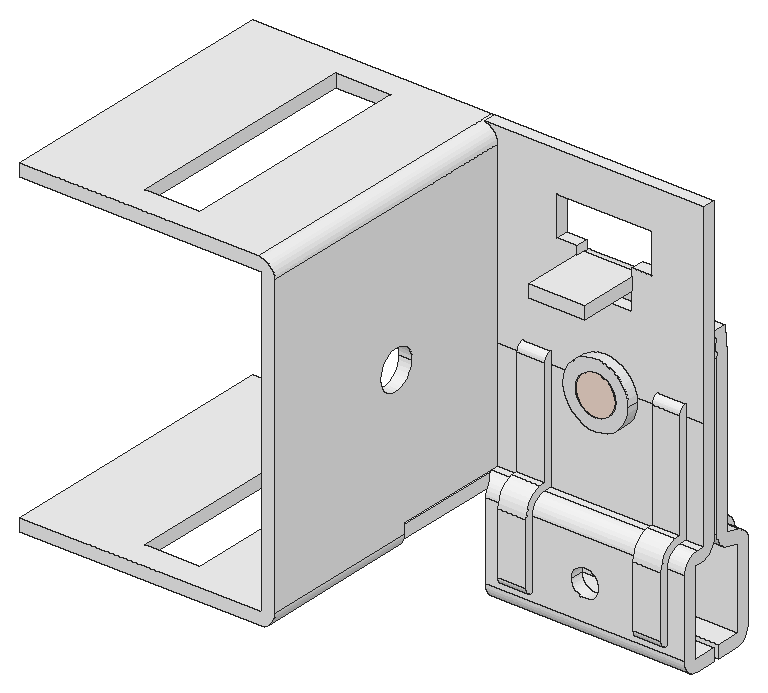
Revit family "cthanger_h0_right", category 機械設備, Revit 2022
Family settings
  丸型コネクタ寸法 = 直径を使用
  種別 = なし
  パーツ タイプ = 標準
  作業面ベース = いいえ
  常に垂直 = はい
  ロード時にボイドで切り取り = いいえ
  注釈の向きを維持 = いいえ
  共有 = いいえ
  部屋計算ポイント = いいえ
Parameters
  製造元 = "株式会社桐井製作所"
  既定の高さ = 0 mm
  URL = "https://www.kirii.co.jp/"
  K_材質 = "溶融亜鉛めっき鋼板及び鋼帯 SGCC 一般用"
  K_品名 = "CTハンガーH＝0右"
  K_名称 = "CTハンガー"
  K_入数 = "200"
  K_備考 = "対象Tバー：eT4025、eAT4025"
  K_バージョン情報 = "20220915"
  K_めっき付着量 = "Z12"
  K_JIS規格 = "JIS G 3302"
Reference planes
  plane 1 "中心(正面/背面)": y = 0
  plane 2: z = 0
  plane 3 "中心(左/右)": x = 0
Forms (mm)
  Extrusion 1, solid, material "05吊り材"
    sketch origin (0, -1.2, 0) x (0, -1, 0) y (0, 0, 1)
      loop
        line (1.8, -3.544) -> (1.8, -14.044) -> (-1.2, -14.044) -> (-1.2, -15.644) -> (1.4, -15.644)
        arc (1.4, -15.644) -> (2.814, -15.058) -> (3.4, -13.644) r 2
        line (3.4, -13.644) -> (3.4, -3.944)
        arc (3.4, -3.944) -> (2.814, -2.53) -> (1.4, -1.944) r 2
        line (1.4, -1.944) -> (0.4, -1.944) -> (0.4, 11.856) -> (0.4, 36.356) -> (-1.2, 36.356) -> (-1.2, -1.544)
        arc (-1.2, -1.544) -> (-0.614, -2.958) -> (0.8, -3.544) r 2
        line (0.8, -3.544) -> (1.8, -3.544)
    from -12.5 to 15.1
  Extrusion 2, solid, material "アルミニウム"
    sketch origin (0, -1.2, 4.922) x (-1, 0, 0) y (0, 0, 1)
      loop
        circle (0, 6.436) r 4.1
      loop
        circle (0, 6.436) r 2.499
    from -1.8 to 0
  Extrusion 3, solid, material "05吊り材"
    sketch origin (16, -1.2, 0) x (0, -1, 0) y (0, 0, 1)
      loop
        arc (1.3, 12.456) -> (1.036, 13.093) -> (0.4, 13.356) r 0.9
        line (0.4, 13.356) -> (0.4, -1.944) -> (1.4, -1.944)
        arc (1.4, -1.944) -> (2.814, -2.53) -> (3.4, -3.944) r 2
        line (3.4, -3.944) -> (3.4, -12.644)
        arc (3.4, -12.644) -> (4.036, -12.38) -> (4.3, -11.744) r 0.9
        line (4.3, -11.744) -> (4.3, -3.944)
        arc (4.3, -3.944) -> (3.685, -2.14) -> (2.095, -1.087) r 2.953
        line (2.095, -1.087) -> (1.3, -1.087) -> (1.3, 12.456)
      loop
        line (-4, -1.245) -> (-5.318, -1.633)
        arc (-5.318, -1.633) -> (-6.822, -2.678) -> (-7.4, -4.415) r 2.9
        line (-7.4, -4.415) -> (-7.4, -11.844)
        arc (-7.4, -11.844) -> (-7.166, -12.409) -> (-6.6, -12.644) r 0.8
        line (-6.6, -12.644) -> (-6.6, -4.415)
        arc (-6.6, -4.415) -> (-6.181, -3.157) -> (-5.093, -2.4) r 2.1
        line (-5.093, -2.4) -> (-3.2, -1.844) -> (-3.2, 14.356)
        arc (-3.2, 14.356) -> (-3.766, 14.122) -> (-4, 13.556) r 0.8
        line (-4, 13.556) -> (-4, -1.245)
    from 5.75 to 9.25
  Extrusion 4, void
    sketch origin (0, -1.2, 0) x (-1, 0, 0) y (0, 0, 1)
      loop
        line (-6, 31.356) -> (-6, 26.343) -> (-3.5, 26.343) -> (-3.5, 21.356) -> (3.5, 21.356) -> (3.5, 26.343) -> (6, 26.343) -> (6, 31.356) -> (-6, 31.356)
    from -0.4 to 1.2
  Extrusion 5, void
    sketch origin (0.011, -1.2, 4.995) x (-1, 0, 0) y (0, 0, 1)
      loop
        circle (0, 6.373) r 2.5
    from -1.3 to 3.2
  Extrusion 6, void
    sketch origin (0, 0.4, 0) x (1, 0, 0) y (0, 0, 1)
      loop
        line (-13.5, -1.944) -> (-15.1, -1.944) -> (-15.1, -15.644) -> (-12.5, -15.644) -> (-12.5, -2.944)
        arc (-12.5, -2.944) -> (-12.793, -2.237) -> (-13.5, -1.944) r 1
    from -1.2 to 6.3
  Extrusion 7, void
    sketch origin (0, 42.1, 50.967) x (1, 0, 0) y (0, 0, 1)
      loop
        line (-3.5, -25.623) -> (-12.5, -25.623) -> (-12.5, -29.342) -> (-3.5, -29.342) -> (-3.5, -25.623)
      loop
        line (12.5, -25.623) -> (3.5, -25.623) -> (3.5, -29.342) -> (12.5, -29.342) -> (12.5, -25.623)
    from 39.7 to 51.6
  Extrusion 8, solid, material "05吊り材"
    sketch origin (0, -1.2, 0) x (0, -1, 0) y (0, 0, 1)
      loop
        line (-5, -4.041) -> (-3.107, -3.484)
        arc (-3.107, -3.484) -> (-2.019, -2.728) -> (-1.6, -1.47) r 2.1
        line (-1.6, -1.47) -> (-1.6, 18.356) -> (-1.1, 23.256)
        arc (-1.1, 23.256) -> (-0.954, 23.61) -> (-0.6, 23.756) r 0.5
        line (-0.6, 23.756) -> (7.9, 23.756) -> (7.9, 25.343) -> (-0.6, 25.343)
        arc (-0.6, 25.343) -> (-1.932, 24.867) -> (-2.659, 23.655) r 2.1
        line (-2.659, 23.655) -> (-3.2, 18.356) -> (-3.2, -1.844) -> (-5.093, -2.4)
        arc (-5.093, -2.4) -> (-6.181, -3.157) -> (-6.6, -4.415) r 2.1
        line (-6.6, -4.415) -> (-6.6, -13.544)
        arc (-6.6, -13.544) -> (-5.985, -15.029) -> (-4.5, -15.644) r 2.1
        line (-4.5, -15.644) -> (-2, -15.644) -> (-2, -14.044) -> (-5, -14.044) -> (-5, -4.041)
    from -12.5 to 12.5
  Extrusion 9, solid, material "05吊り材"
    sketch origin (-1, -1.2, 0) x (0, -1, 0) y (0, 0, 1)
      loop
        arc (1.3, 12.456) -> (1.036, 13.093) -> (0.4, 13.356) r 0.9
        line (0.4, 13.356) -> (0.4, -1.944) -> (1.4, -1.944)
        arc (1.4, -1.944) -> (2.814, -2.53) -> (3.4, -3.944) r 2
        line (3.4, -3.944) -> (3.4, -12.644)
        arc (3.4, -12.644) -> (4.036, -12.38) -> (4.3, -11.744) r 0.9
        line (4.3, -11.744) -> (4.3, -3.944)
        arc (4.3, -3.944) -> (3.685, -2.14) -> (2.095, -1.087) r 2.953
        line (2.095, -1.087) -> (1.3, -1.087) -> (1.3, 12.456)
      loop
        line (-4, -1.245) -> (-5.318, -1.633)
        arc (-5.318, -1.633) -> (-6.822, -2.678) -> (-7.4, -4.415) r 2.9
        line (-7.4, -4.415) -> (-7.4, -11.844)
        arc (-7.4, -11.844) -> (-7.166, -12.409) -> (-6.6, -12.644) r 0.8
        line (-6.6, -12.644) -> (-6.6, -4.415)
        arc (-6.6, -4.415) -> (-6.181, -3.157) -> (-5.093, -2.4) r 2.1
        line (-5.093, -2.4) -> (-3.2, -1.844) -> (-3.2, 14.356)
        arc (-3.2, 14.356) -> (-3.766, 14.122) -> (-4, 13.556) r 0.8
        line (-4, 13.556) -> (-4, -1.245)
    from 5.75 to 9.25
  Extrusion 10, solid, material "05吊り材"
    sketch origin (16, -1.2, 0) x (0, -1, 0) y (0, 0, 1)
      loop
        arc (1.3, 12.456) -> (1.036, 13.093) -> (0.4, 13.356) r 0.9
        line (0.4, 13.356) -> (0.4, -1.944) -> (1.4, -1.944)
        arc (1.4, -1.944) -> (2.814, -2.53) -> (3.4, -3.944) r 2
        line (3.4, -3.944) -> (3.4, -12.644)
        arc (3.4, -12.644) -> (4.036, -12.38) -> (4.3, -11.744) r 0.9
        line (4.3, -11.744) -> (4.3, -3.944)
        arc (4.3, -3.944) -> (3.685, -2.14) -> (2.095, -1.087) r 2.953
        line (2.095, -1.087) -> (1.3, -1.087) -> (1.3, 12.456)
      loop
        line (-4, -1.245) -> (-5.318, -1.633)
        arc (-5.318, -1.633) -> (-6.822, -2.678) -> (-7.4, -4.415) r 2.9
        line (-7.4, -4.415) -> (-7.4, -11.844)
        arc (-7.4, -11.844) -> (-7.166, -12.409) -> (-6.6, -12.644) r 0.8
        line (-6.6, -12.644) -> (-6.6, -4.415)
        arc (-6.6, -4.415) -> (-6.181, -3.157) -> (-5.093, -2.4) r 2.1
        line (-5.093, -2.4) -> (-3.2, -1.844) -> (-3.2, 14.356)
        arc (-3.2, 14.356) -> (-3.766, 14.122) -> (-4, 13.556) r 0.8
        line (-4, 13.556) -> (-4, -1.245)
    from 5.75 to 9.25
  Extrusion 11, solid, material "05吊り材"
    sketch origin (0, 0, -20.1) x (1, 0, 0) y (0, 0, 1)
      loop
        line (-45.5, 56.456) -> (-45.5, 54.856) -> (-15.1, 54.856) -> (-15.1, 16.456) -> (-45.5, 16.456) -> (-45.5, 14.856) -> (-15.1, 14.856)
        arc (-15.1, 14.856) -> (-13.949, 15.576) -> (-13.5, 16.856) r 2.05
        line (-13.5, 16.856) -> (-13.5, 54.456)
        arc (-13.5, 54.456) -> (-14.086, 55.87) -> (-15.5, 56.456) r 2
        line (-15.5, 56.456) -> (-45.5, 56.456)
    from 0 to 36.6
  Extrusion 12, void
    sketch origin (0, 0, -19.631) x (0, 1, 0) y (0, 0, 1)
      loop
        circle (-17.5, 35.456) r 2.5
    from -15.1 to -13.5
  Extrusion 13, void
    sketch origin (0, -0.8, -59.631) x (1, 0, 0) y (0, 1, 0)
      loop
        line (-32.5, -2.5) -> (-32.5, -32.5) -> (-25.5, -32.5) -> (-25.5, -2.5) -> (-32.5, -2.5)
    from 54.387 to 55.987
  Extrusion 14, void
    sketch origin (0, -0.8, -19.631) x (1, 0, 0) y (0, 1, 0)
      loop
        line (-32.5, -2.5) -> (-32.5, -32.5) -> (-25.5, -32.5) -> (-25.5, -2.5) -> (-32.5, -2.5)
    from 54.387 to 55.987
  Extrusion 15, void
    sketch origin (0, 0, -4.375) x (1, 0, 0) y (0, 0, 1)
      loop
        circle (0, -4.769) r 1.75
    from 3 to 4.6
  Extrusion 16, void
    sketch origin (0, 8.4, -4.375) x (1, 0, 0) y (0, 0, 1)
      loop
        circle (0, -4.769) r 1.75
    from 3 to 4.6
  Extrusion 17, void
    sketch origin (0, 0, 0) x (0, 1, 0) y (0, 0, 1)
      loop
        line (0, -5.244) -> (0, -1.944) -> (-16.3, -1.944) -> (-16.3, -5.244) -> (0, -5.244)
    from -15.1 to -13.5
Cuts and joins
  Extrusion 4, Extrusion 5, Extrusion 6, Extrusion 15, Extrusion 16 cuts Extrusion 1
  Extrusion 5, Extrusion 7, Extrusion 16 cuts Extrusion 8
  joined: Extrusion 3, Extrusion 8, Extrusion 9, Extrusion 10
  Extrusion 17 cuts Extrusion 2
  Extrusion 12, Extrusion 13, Extrusion 14, Extrusion 17 cuts Extrusion 11
Dimensions and locks
  aligned and locked: level to plane 2
Nested families
  nested 1: "直吊りハンガー用ビス" at (0, 2, 11.334) x (-1, 0, 0) z (0, 0, 1), type "直吊りハンガー用ビス"
Definition of nested family "直吊りハンガー用ビス"
  Parameters (values of type "直吊りハンガー用ビス")
    Manufacturer = "株式会社桐井製作所"
    Default Elevation = 0 mm
    URL = "https://www.kirii.co.jp/"
    K_名称 = "M6×25ボルト"
  Reference planes
    plane 1 "中心(正面/背面)": y = 0
    plane 2: z = 0
    plane 3 "中心(左/右)": x = 0
    plane 4 "正面": y = -5
  Forms (mm)
    Extrusion 1, solid
      sketch origin (0, 0, 0.234) x (1, 0, 0) y (0, 0, 1)
        loop
          circle (-0.011, -0.2) r 2.5
      from 0 to -5
    Revolve 2, solid
      sketch origin (0, 0, 0) x (0, 1, 0) y (0, 0, 1)
        loop
          line (0, 0) -> (-2.299, 0) -> (-2.299, -1.966)
          arc (-2.299, -1.966) -> (-1.904, -2.921) -> (-0.949, -3.316) r 1.35
          line (-0.949, -3.316) -> (0, -3.316) -> (0, 0)
        axis (0, 0) -> (-2.299, 0)
      angle from 0 to 360
  Cuts and joins
    joined: Extrusion 1, Revolve 2
  Dimensions and locks
    aligned and locked: level to plane 2
